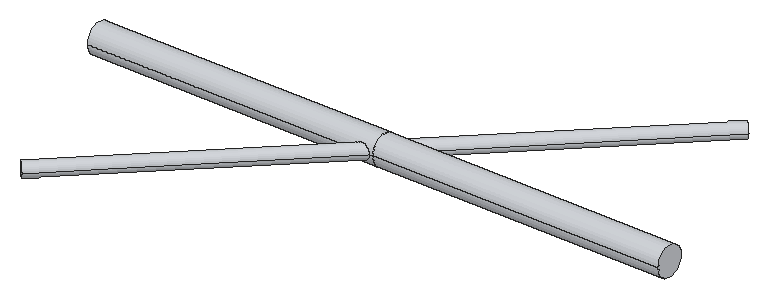
Revit family "DuctFitting_Round_Cross", category Duct Fittings, Revit 2020
Family settings
  Round Connector Dimension = Use Diameter
  Part Type = Elbow
  Work Plane-Based = No
  Always vertical = Yes
  Cut with Voids When Loaded = No
  Shared = No
Parameters
  Main Diameter [instance] = 100 mm
  Intersection to the rightside [instance] = 1000 mm
  Intersection to the leftside [instance] = 1000 mm
  Default Elevation = 0 mm
  Branch pipe length 2 [instance] = 1000 mm
  Branch pipe length 1 [instance] = 1000 mm
  Branch Diameter [instance] = 50 mm
  Angle2 [instance] = Angle  # 45.00°
  Angle [instance] = 45.00°
Reference planes
  plane 1 "Center (Front/Back)": y = 0
  plane 2: z = 0
  plane 3 "Center (Left/Right)": x = 0
Forms (mm)
  Sweep 1, solid
    path origin (0, 0, 0) x (1, 0, 0) y (0, 1, 0)
      loop
        line (1000, 0) -> (0, 0) -> (-1000, 0)
    profile origin (-500, 0, 0) x (0, -1, 0) y (0, 0, 1)
      loop
        circle (0, 0) r 50
  Sweep 2, solid
    path origin (0, 0, 0) x (1, 0, 0) y (0, 1, 0)
      loop
        line (-707.107, -707.107) -> (0, 0) -> (707.107, 707.107)
    profile origin (353.553, 353.553, 0) x (-0.707107, 0.707107, 0) y (0, 0, 1)
      loop
        circle (0, 0) r 25
Cuts and joins
  joined: Sweep 1, Sweep 2
Dimensions and locks
  "Intersection to the leftside": Sweep 1 sketch curve to Sweep 1 sketch curve
  "Intersection to the rightside": Sweep 1 sketch curve to Sweep 1 sketch curve
  "Branch pipe length 1": Sweep 2 sketch curve to Sweep 2 sketch curve
  "Branch pipe length 2": Sweep 2 sketch curve to Sweep 2 sketch curve
  "Main Diameter": diameter of Sweep 1 sketch curve
  "Branch Diameter": diameter of Sweep 2 sketch curve
  "Angle2": angle plane 1 "Center (Front/Back)" to Sweep 2 sketch curve
  "Angle": angle plane 1 "Center (Front/Back)" to Sweep 2 sketch curve
  aligned and locked: level to plane 2
Automatic sketch dimensions
  plane 1 "Center (Front/Back)" to Sweep 1 sketch curve = 0 mm
  Sweep 1 sketch curve to plane 3 "Center (Left/Right)" = 0 mm
  Sweep 1 sketch curve to level = 0 mm
  Sweep 1 sketch curve to profile plane = 0 mm
  plane 1 "Center (Front/Back)" to Sweep 2 sketch curve = 0 mm
  Sweep 2 sketch curve to plane 3 "Center (Left/Right)" = 0 mm
  Sweep 2 sketch curve to level = 0 mm
  Sweep 2 sketch curve to profile plane = 0 mm
Connectors
  hvac at (-1000, 0, 0), driven by "Main Diameter"
    settings: on cut or joined group of Sweep 1, Sweep 2, index 1, duct flow 0.0 L/s, flow factor 0, pres drop 0.0 Pa, loss coef 0, conn angle 0.00°, conn width 304.8 mm, conn height 304.8 mm, conn diameter 100 mm, duct sys type 1, conn prof type 0, flow config 0, flow direction 0, loss method 0, conn ref index -1, conn util no, is conn primary yes, conn desc ""
  hvac at (707.107, 707.107, 0), driven by "Branch Diameter"
    settings: on cut or joined group of Sweep 1, Sweep 2, index 2, duct flow 0.0 L/s, flow factor 0, pres drop 0.0 Pa, loss coef 0, conn angle 0.00°, conn width 304.8 mm, conn height 304.8 mm, conn diameter 50 mm, duct sys type 1, conn prof type 0, flow config 0, flow direction 0, loss method 0, conn ref index -1, conn util no, is conn primary no, conn desc ""
  hvac at (1000, 0, 0), driven by "Main Diameter"
    settings: on cut or joined group of Sweep 1, Sweep 2, index 3, duct flow 0.0 L/s, flow factor 0, pres drop 0.0 Pa, loss coef 0, conn angle 0.00°, conn width 304.8 mm, conn height 304.8 mm, conn diameter 100 mm, duct sys type 1, conn prof type 0, flow config 0, flow direction 0, loss method 0, conn ref index -1, conn util no, is conn primary no, conn desc ""
  hvac at (-707.107, -707.107, 0), driven by "Branch Diameter"
    settings: on cut or joined group of Sweep 1, Sweep 2, index 4, duct flow 0.0 L/s, flow factor 0, pres drop 0.0 Pa, loss coef 0, conn angle 0.00°, conn width 304.8 mm, conn height 304.8 mm, conn diameter 50 mm, duct sys type 1, conn prof type 0, flow config 0, flow direction 0, loss method 0, conn ref index -1, conn util no, is conn primary no, conn desc ""
